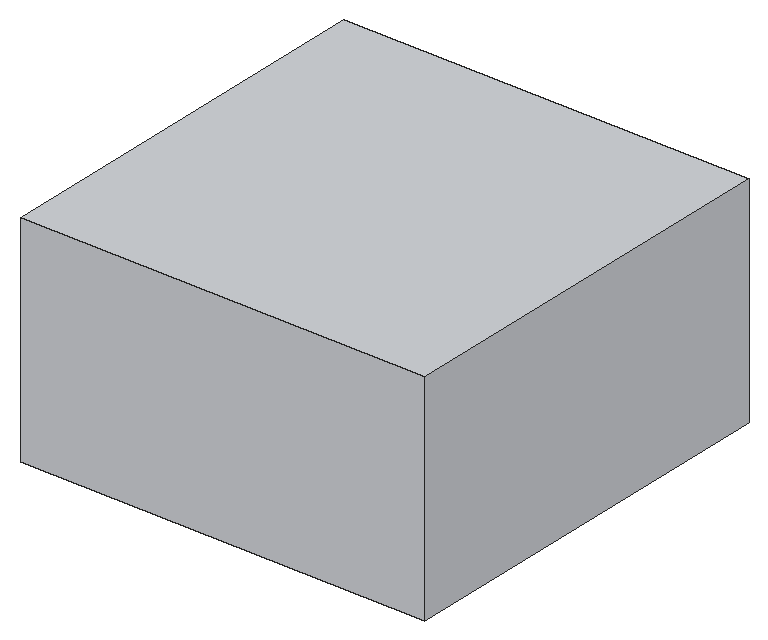
Revit family "M_Caixas de junção - Telefone", category Dispositivos de telefonia, Revit 2019
Family settings
  Manter orientação da anotação = Sim
  Cota do conector redondo = Utilizar diâmetro
  Tipo de parte = Caixa de junção
  Número OmniClass = 23.85.50.14
  Título OmniClass = Telephone and Intercommunication Equipment
  ID de item do Seek = Junction Boxes - Telephone-0000-CAN-ENU
  Com base no plano de trabalho = Não
  Sempre na vertical = Sim
  Corte com vazios quando carregada = Não
  Compartilhado = Não
  Ponto de cálculo do ambiente = Não
Parameters (values of type "100 quadrados")
  Largura = 100 mm
  Altura = 100 mm
  Linear = 54 mm
Reference planes
  plane 1 "Centro (Frente/Trás)": y = 0
  plane 2: z = 0
  plane 3 "Centro (Esquerda/Direita)": x = 0
  plane 4 "Parte posterior": y = 50
  plane 5 "Parte frontal": y = -50
  plane 6 "Esquerda": x = -50
  plane 7 "Direita": x = 50
  plane 8 "Superior": z = 54
Forms (mm)
  Extrusion 1, solid
    sketch origin (0, 0, 0) x (1, 0, 0) y (0, 1, 0)
      loop
        line (-50, 50) -> (-50, -50) -> (50, -50) -> (50, 50) -> (-50, 50)
    from 0 to 54
Lines and regions (mm)
  model lines, detail levels fine
    curve 1: line (-50, 50, 0) -> (50, 50, 0)
    curve 2: line (-50, -50, 0) -> (-50, 50, 0)
    curve 3: line (50, -50, 0) -> (-50, -50, 0)
    curve 4: line (50, 50, 0) -> (50, -50, 0)
Dimensions and locks
  equal spacing: plane 6 "Esquerda", plane 3 "Centro (Esquerda/Direita)", plane 7 "Direita"
  "Altura": plane 6 "Esquerda" to plane 7 "Direita"
  equal spacing: plane 5 "Parte frontal", plane 1 "Centro (Frente/Trás)", plane 4 "Parte posterior"
  "Largura": plane 5 "Parte frontal" to plane 4 "Parte posterior"
  "Linear": plane 8 "Superior" to plane 2
  aligned and locked: plane 6 "Esquerda" to Extrusion 1 sketch curve
  aligned and locked: plane 4 "Parte posterior" to Extrusion 1 sketch curve
  aligned and locked: plane 5 "Parte frontal" to Extrusion 1 sketch curve
  aligned and locked: Extrusion 1 sketch curve to plane 7 "Direita"
  aligned and locked: plane 8 "Superior" to Extrusion 1
  aligned and locked: curve 1 to Extrusion 1  (x2)
  aligned and locked: Extrusion 1 to curve 4
  aligned and locked: curve 4 to Extrusion 1
  aligned and locked: plane 3 "Centro (Esquerda/Direita)" to nested 1
  aligned and locked: plane 1 "Centro (Frente/Trás)" to nested 1
Nested families
  nested 1: "M_Anotação das caixas de junção" at (0, 0, 0), type "M_Anotação das caixas de junção", detail levels coarse+medium
Connectors
  electrical at (0, 0, 54)
    settings: on Extrusion 1, index 1, voltage 0 V, apparent load 0 VA, apparent load phase1 0 VA, apparent load phase2 0 VA, apparent load phase3 0 VA, power factor 1, load classification "Outros", number of poles 1, system type 9, power factor state 1, is connector primary yes, connector utility no, sub classification motor no, connector description ""
Definition of nested family "M_Anotação das caixas de junção"
  Reference planes
    plane 1: y = 0
    plane 2: x = 0
  Lines and regions (mm)
    detail lines
      curve 1: circle (0, 0, 0) r 2.381 normal (0, 0, 1)
  Text (mm)
    text "J" at (0.017, 1.77, 0)
  Dimensions and locks
    aligned and locked: plane 1 to curve 1
    aligned and locked: plane 2 to curve 1
